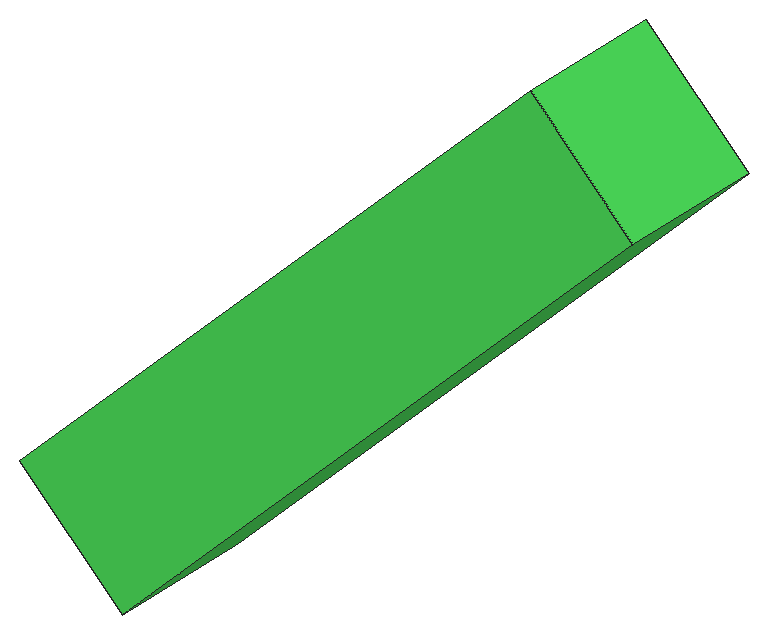
Revit family "機器サポート_角形鋼管(正方形) 1", category Generic Models, Revit 2020
Family settings
  Can host rebar = No
  Round Connector Dimension = Use Diameter
  Part Type = Normal
  Work Plane-Based = Yes
  Always vertical = No
  Cut with Voids When Loaded = No
  Shared = No
  Room Calculation Point = No
Parameters (values of type "100 x 100")
  高さ = 100 mm
  長辺 [instance] = 長さ  # 500 mm
  長さ [instance] = 500 mm
  部屋名 = ""
  角度 [instance] = 45.00°
  Default Elevation = 1219.2 mm
  構造マテリアル = E003_機器サポート
  幅 = 100 mm
Types (14, lengths in mm): name | 高さ | 幅
  100 x 100 | 100 | 100
  125 x 125 | 125 | 125
  150 x 150 | 150 | 150
  175 x 175 | 175 | 175
  200 x 200 | 200 | 200
  250 x 250 | 250 | 250
  300 x 300 | 300 | 300
  350 x 350 | 350 | 350
  40 x 40 | 40 | 40
  50 x 50 | 50 | 50
  60 x 60 | 60 | 60
  75 x 75 | 75 | 75
  80 x 80 | 80 | 80
  90 x 90 | 90 | 90
Reference planes
  plane 1 "中心(正面/背面)": y = 0
  plane 2: z = 0
  plane 3 "中心(左/右)": x = 0
Lines and regions (mm)
  reference lines
    curve 1: line (0, 0, 0) -> (806.102, 0, 806.102)
    curve 2: line (35.355, 0, -35.355) -> (-35.355, 0, 35.355)
    curve 3: line (388.909, 0, 318.198) -> (318.198, 0, 388.909)
Dimensions and locks
  equal spacing: curve 2, curve 1, curve 2
  "高さ": curve 2 to curve 2
  equal spacing: curve 3, curve 1, curve 3
  "高さ": curve 3 to curve 3
  "長さ": curve 2 to curve 3
  "角度": angle level to curve 1
  angle curve 2 to curve 1 = 90.00°
  angle curve 3 to curve 1 = 90.00°
  aligned and locked: level to plane 2
  aligned and locked: level to curve 1
  aligned and locked: plane 3 "中心(左/右)" to curve 1
  aligned and locked: curve 1 to nested 1
Nested families
  nested 1: "グレーチング_角形鋼管(正方形)" at (-35.355, 0, 35.355) x (0, 1, 0) z (0.7071, 0, -0.7071), 長さ <- "長さ", type "350 x 350"
    with 長辺 500 mm, 長さ 500 mm, 高さ 100 mm, 幅 100 mm
Definition of nested family "グレーチング_角形鋼管(正方形)"
  Parameters (values of type "350 x 350")
    高さ = 350 mm
    長辺 [instance] = 長さ  # 1000 mm
    長さ [instance] = 1000 mm
    部屋名 = ""
    Default Elevation = 1219.2 mm
    構造マテリアル = none
    幅 = 350 mm
  Reference planes
    plane 1 "中心(正面/背面)": y = 0
    plane 2: z = 0
    plane 3 "中心(左/右)": x = 0
    plane 4: z = 175
    plane 5: z = 350
  Forms (mm)
    Extrusion 1, solid, material <- "構造マテリアル"
      sketch origin (0, 0, 0) x (1, 0, 0) y (0, 1, 0)
        loop
          line (-175, 1000) -> (-175, 0) -> (175, 0) -> (175, 1000) -> (-175, 1000)
      from 0 to 350
  Lines and regions (mm)
    reference lines
      curve 1: line (175, 1000, 0) -> (-175, 1000, 0)
      curve 2: line (175, 0, 0) -> (-175, 0, 0)
  Dimensions and locks
    "長さ": curve 1 to curve 2
    "幅": Extrusion 1 to Extrusion 1
    equal spacing: Extrusion 1, plane 3 "中心(左/右)", Extrusion 1
    "幅": curve 1 to curve 1
    equal spacing: curve 1, plane 3 "中心(左/右)", curve 1
    "幅": curve 2 to curve 2
    equal spacing: curve 2, plane 3 "中心(左/右)", curve 2
    equal spacing: plane 5, plane 4, level
    "高さ": plane 5 to level
    aligned and locked: level to plane 2
    aligned and locked: Extrusion 1 to curve 2
    aligned and locked: curve 1 to Extrusion 1
    aligned and locked: plane 5 to Extrusion 1
  Automatic sketch dimensions
    Extrusion 1 sketch curve to plane 3 "中心(左/右)" = 175 mm
    plane 3 "中心(左/右)" to Extrusion 1 sketch curve = 175 mm
    plane 1 "中心(正面/背面)" to Extrusion 1 sketch curve = 0 mm
    Extrusion 1 sketch curve to plane 1 "中心(正面/背面)" = 1000 mm
    plane 1 "中心(正面/背面)" to curve 2 = 0 mm
